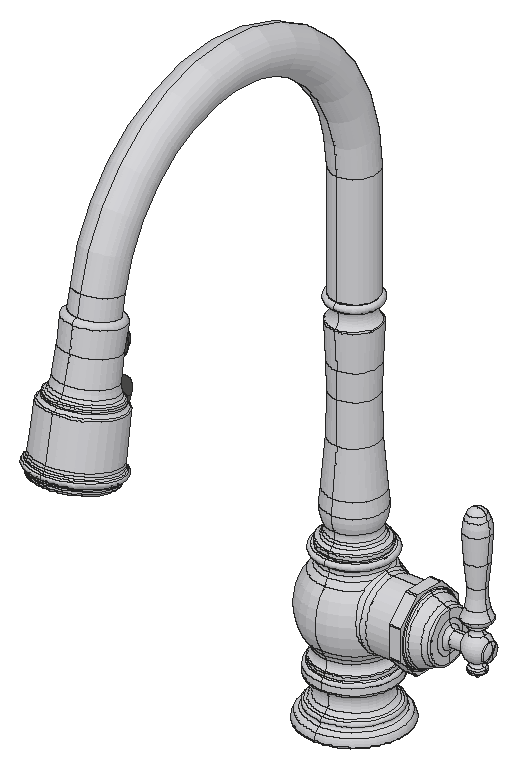
Revit family "Faucet-Kitchen-KOHLER-Artifacts-K-29709", category Plumbing Fixtures, host Face, Revit 2017
Family settings
  Host = Face
  Round Connector Dimension = Use Diameter
  Part Type = Normal
  OmniClass Number = 23.31.11.00
  OmniClass Title = Faucets
  Cut with Voids When Loaded = No
  Shared = No
  Room Calculation Point = No
Parameters (values of type "CP - Polished Chrome")
  Width = 2 9/16"  # constant formula
  WaterSense Certified = 1 = 0  # no
  Waste Water Outlet = "Waste Water Outlet"  # constant formula
  Waste Connection = 1 = 0  # no
  Voltage = 120 V  # constant formula
  Vent Connection = 1 = 0  # no
  URL = "https://www.us.kohler.com/us/"
  Type = 1
  Spout Reach = 9 1/16"  # constant formula
  Product Page URL = "http://www.us.kohler.com/us/catalog/productDetails.jsp?productNumber=29709"
  Product Name = "Artifacts"  # constant formula
  Product Documentation Link = "https://www.us.kohler.com/webassets/kpna/catalog/pdf/en/K-29709_spec.pdf"
  Pressure = 60.00 psi  # constant formula
  Model = if(Type = 1, "K-29709-CP", if(Type = 2, "K-29709-SN", if(Type = 3, "K-29709-VS", if(Type = 4, "K-29709-2BZ", "NA"))))  # "K-29709-CP"
  Material = "Premium Metal Construction"  # constant formula
  MasterFormat 2004 = "22.41.39"  # constant formula
  MasterFormat 1995 = "15410"  # constant formula
  Manufacturer Address = "444 Highland Dr, Kohler, WI 53044"  # constant formula
  Manufacturer = "KOHLER Co."  # constant formula
  Length = Spout Reach  # 9 1/16"
  Hot Water Inlet = "Hot Water Inlet"  # constant formula
  Height = 17 5/8"  # constant formula
  HW Connection = 1 = 1  # yes
  Flow Rate = 1.5 GPM  # constant formula
  Finish = Kohler-Metal-CP-Polished_Chrome
  Environmental Product Declaration = ""
  Electrical Note = "One dedicated circuit required, protected with Class A Ground-Fault Circuit-Interrupter (GFCI). Outside North America, this device may be known as a Residual Current Device (RCD)"  # constant formula
  Electrical Connector = 1 = 1  # yes
  Drain Included = 1 = 0  # no
  Description = "Touchless pull-down kitchen sink faucet"  # constant formula
  Default Elevation = 36"
  Declare Label = ""
  Date Modified = "01/27/2020"  # constant formula
  Date Created = "01/27/2020"  # constant formula
  Copyright = "Copyright KOHLER Co."  # constant formula
  Contact Us = "https://www.us.kohler.com/us/static/contact.jsp"
  Cold Water Inlet = "Cold Water Inlet"  # constant formula
  CW Connection = 1 = 1  # yes
  Assembly Code = "D2010"
  Apparent Load = 15 A * Voltage  # 1800 VA
  ADA Compliant = 1 = 1  # yes
Reference planes (in)
  plane 1 "Center (Front/Back)": y = 0
  plane 2: z = 0
  plane 3 "Center (Left/Right)": x = 0
  plane 4: z = 17.625
  plane 5: y = 1.28125
  plane 6: y = -9.0625
  plane 7: y = -10.125
  plane 8: x = -1.28125
  plane 9: x = 1.28125
  plane 10: y = -1.28125
  plane 11: z = 9.625
  plane 12: x = 3.19416
  plane 13: z = 2.75
  plane 14: z = 6
  plane 15: x = 4.4375
  plane 16: x = -0.80661
  plane 17: x = 0.80661
  plane 18: y = 1.07465
Dimensions and locks (in)
  "Height": level to plane 4
  "Width": plane 8 to plane 9
  plane 12 to plane 3 "Center (Left/Right)" = 3.19416"
  plane 13 to plane 14 = 3 1/4"
  plane 2 to plane 14 = 6"
  locked: plane 10 to plane 5 at 2.5625
  "Length": plane 1 "Center (Front/Back)" to plane 6
  "Spout Reach": plane 6 to plane 1 "Center (Front/Back)"
  locked: plane 2 to plane 11 at 9.625
  locked: plane 14 to plane 2 at 6
  locked: plane 14 to plane 13 at 3.25
  locked: plane 15 to plane 3 "Center (Left/Right)" at 4.4375
  locked: plane 3 "Center (Left/Right)" to plane 12 at 3.19416
  aligned and locked: plane 2 to host face
  aligned and locked: level to host face
Automatic sketch dimensions
  host sketch curve to host sketch curve = 96"  (x2)
Nested families (in)
  nested 1: "K-29709" at (0, 0, 0), type "K-29709"
Connectors (in)
  electrical at (0, 1.07465, 0), driven by "Voltage", driven by "Apparent Load", driven by "Electrical Connector", driven by "Electrical Note"
    settings: on nested 1, index 2, voltage 120 V, apparent load 1800 VA, apparent load phase1 0 VA, apparent load phase2 0 VA, apparent load phase3 0 VA, power factor 1, load classification "Power", number of poles 1, system type 30, power factor state 1, is connector primary yes, connector utility yes, sub classification motor no, connector description "One dedicated circuit required, protected with Class A Ground-Fault Circuit-Interrupter (GFCI). Outside North America, this device may be known as a Residual Current Device (RCD)"
  piping at (-0.80661, 0, 0), diameter 0.375, driven by "Flow Rate", driven by "Pressure", driven by "HW Connection", driven by "Hot Water Inlet"
    settings: on nested 1, index 3, connector inside diameter 24", connector length 0", flow factor 0, pipe flow 1.5 GPM, pressure drop 60.00 psi, fitting loss kfactor 0, connector angle 0.00°, fixture units 0, engagement length 0", angle of deflection 0.00°, flow configuration 1, flow direction 1, fitting loss method 4, system type 19, joint type 0, gender type 0, connector reference index -1, connector utility 1, adjustable connector no, is connector primary yes, connector description "Hot Water Inlet"
  piping at (0.80661, 0, 0), diameter 0.375, driven by "Flow Rate", driven by "Pressure", driven by "CW Connection", driven by "Cold Water Inlet"
    settings: on nested 1, index 4, connector inside diameter 24", connector length 0", flow factor 0, pipe flow 1.5 GPM, pressure drop 60.00 psi, fitting loss kfactor 0, connector angle 0.00°, fixture units 0, engagement length 0", angle of deflection 0.00°, flow configuration 1, flow direction 1, fitting loss method 4, system type 20, joint type 0, gender type 0, connector reference index -1, connector utility 1, adjustable connector no, is connector primary no, connector description "Cold Water Inlet"
Definition of nested family "K-29709"
  Parameters (values of type "K-29709")
    Material = none
  Reference planes (in)
    plane 1 "Center (Front/Back)": y = 0
    plane 2: z = 0
    plane 3 "Center (Left/Right)": x = 0
    plane 4: z = 17.625
    plane 5: y = -9.0625
    plane 6: z = 9.625
    plane 7: x = -1.28125
    plane 8: z = 6
    plane 9: z = 2.75
    plane 10: y = 1.28125
    plane 11: y = -10.125
    plane 12: x = 1.28125
    plane 13: x = 3.19416
    plane 14: y = -1.28125
    plane 15: z = 0.02033
    plane 16: x = -0.80661
    plane 17: x = 0.80661
    plane 18: y = 1.07465
  Forms (in)
    Sweep 1, solid, material <- "Material", detail levels medium+fine
      path origin (0, 0, 0) x (0, 1, 0) y (0, 0, 1)
        loop
          line (0, 9.90075) -> (0, 12.80434)
          arc (0, 12.80434) -> (-3.78632, 16.97276) -> (-8.29845, 13.60339) r 4.18769
          line (-8.29845, 13.60339) -> (-8.55403, 12.28855)
      profile origin (0, 0, 11.35254) x (0, -1, 0) y (1, 0, 0)
        loop
          circle (0, 0) r 0.5625
    Revolve 2, solid, material <- "Material", detail levels medium+fine
      sketch origin (0, -0.00781, 0) x (0, 1, 0) y (0, 0, 1)
        loop
          arc (-9.4025, 9.62223) -> (-9.39002, 9.61223) -> (-9.37501, 9.6067) r 0.04983
          line (-9.37501, 9.6067) -> (-9.07871, 9.54911) -> (-8.38894, 13.09769) -> (-8.95532, 13.20778)
          arc (-8.95532, 13.20778) -> (-9.05422, 13.18644) -> (-9.10703, 13.10014) r 0.12853
          arc (-9.10703, 13.10014) -> (-9.15527, 12.79365) -> (-9.21052, 12.48834) r 13.51963
          arc (-9.21052, 12.48834) -> (-9.27861, 12.16073) -> (-9.35611, 11.83522) r 11.61668
          arc (-9.35611, 11.83522) -> (-9.388, 11.73471) -> (-9.43152, 11.63866) r 0.89267
          arc (-9.43152, 11.63866) -> (-9.4565, 11.59926) -> (-9.48746, 11.56436) r 0.29048
          arc (-9.48746, 11.56436) -> (-9.52074, 11.54094) -> (-9.55949, 11.52851) r 0.13484
          arc (-9.55949, 11.52851) -> (-9.57898, 11.51924) -> (-9.59038, 11.50092) r 0.03836
          arc (-9.59038, 11.50092) -> (-9.59682, 11.47736) -> (-9.60304, 11.45375) r 2.69435
          arc (-9.60304, 11.45375) -> (-9.60726, 11.43864) -> (-9.61203, 11.4237) r 0.4197
          arc (-9.61203, 11.4237) -> (-9.64826, 11.37325) -> (-9.70642, 11.35147) r 0.10686
          arc (-9.70642, 11.35147) -> (-9.73002, 11.34183) -> (-9.743, 11.31988) r 0.03999
          line (-9.743, 11.31988) -> (-9.97416, 10.23235)
          arc (-9.97416, 10.23235) -> (-9.9833, 10.19565) -> (-9.99496, 10.15967) r 0.54553
          arc (-9.99496, 10.15967) -> (-10.00613, 10.13397) -> (-10.02039, 10.10985) r 0.22646
          arc (-10.02039, 10.10985) -> (-10.03667, 10.09174) -> (-10.05724, 10.07871) r 0.08933
          arc (-10.05724, 10.07871) -> (-10.08001, 10.067) -> (-10.10159, 10.05322) r 0.27399
          arc (-10.10159, 10.05322) -> (-10.12787, 9.99511) -> (-10.08993, 9.94384) r 0.06298
          arc (-10.08993, 9.94384) -> (-10.07053, 9.92982) -> (-10.05907, 9.90879) r 0.05413
          arc (-10.05907, 9.90879) -> (-10.05336, 9.8857) -> (-10.04921, 9.86227) r 0.35528
          arc (-10.04921, 9.86227) -> (-10.04753, 9.84503) -> (-10.04741, 9.82771) r 0.19229
          arc (-10.04741, 9.82771) -> (-10.04878, 9.79864) -> (-10.05066, 9.7696) r 1.64484
          arc (-10.05066, 9.7696) -> (-10.04584, 9.7534) -> (-10.03147, 9.74449) r 0.02379
          line (-10.03147, 9.74449) -> (-9.4025, 9.62223)
        axis (-8.38894, 13.09769) -> (-9.07871, 9.54911)
      angle from 0 to 360
    Revolve 3, solid, detail levels medium+fine
      sketch origin (0, 0, 0) x (0, 1, 0) y (0, 0, 1)
        loop
          line (-7.70484, 12.46444) -> (-7.69609, 12.50946)
          arc (-7.69609, 12.50946) -> (-7.6993, 12.5298) -> (-7.71482, 12.54334) r 0.03016
          arc (-7.71482, 12.54334) -> (-7.73942, 12.55707) -> (-7.75929, 12.57705) r 0.10112
          arc (-7.75929, 12.57705) -> (-7.76852, 12.59534) -> (-7.7709, 12.61569) r 0.05872
          arc (-7.7709, 12.61569) -> (-7.77673, 12.63449) -> (-7.79349, 12.6448) r 0.02798
          line (-7.79349, 12.6448) -> (-8.05346, 12.69533) -> (-8.13657, 12.2678) -> (-7.5609, 12.1559)
          arc (-7.5609, 12.1559) -> (-7.54522, 12.26048) -> (-7.5381, 12.36599) r 1.29763
          arc (-7.5381, 12.36599) -> (-7.53909, 12.38779) -> (-7.53663, 12.40948) r 0.13815
          arc (-7.53663, 12.40948) -> (-7.53997, 12.42587) -> (-7.55391, 12.4351) r 0.02185
          line (-7.55391, 12.4351) -> (-7.70484, 12.46444)
        axis (-7.5609, 12.1559) -> (-8.13657, 12.2678)
      angle from 0 to 360
    Revolve 4, solid, material <- "Material", detail levels medium+fine
      sketch origin (0, 0, 0) x (1, 0, 0) y (0, 0, 1)
        loop
          line (0.49251, 2.75) -> (3.01955, 2.75) -> (3.01955, 2.94459) -> (2.61614, 2.94459)
          arc (2.61614, 2.94459) -> (2.53751, 2.97032) -> (2.48928, 3.03754) r 0.13305
          arc (2.48928, 3.03754) -> (2.47529, 3.09739) -> (2.47059, 3.15868) r 0.40195
          line (2.47059, 3.15868) -> (2.47059, 3.37096)
          arc (2.47059, 3.37096) -> (2.45715, 3.40166) -> (2.42548, 3.4126) r 0.04177
          arc (2.42548, 3.4126) -> (2.35092, 3.41946) -> (2.28304, 3.45103) r 0.21896
          arc (2.28304, 3.45103) -> (2.16866, 3.51871) -> (2.04568, 3.56908) r 0.91341
          arc (2.04568, 3.56908) -> (2.01558, 3.5822) -> (1.9885, 3.60078) r 0.17287
          arc (1.9885, 3.60078) -> (1.97534, 3.61398) -> (1.96477, 3.62933) r 0.10323
          arc (1.96477, 3.62933) -> (1.95016, 3.65121) -> (1.93241, 3.67064) r 0.17384
          line (1.93241, 3.67064) -> (1.93241, 3.63203) -> (0.99909, 3.63203)
          arc (0.99909, 3.63203) -> (0.93798, 3.63961) -> (0.88058, 3.6619) r 0.25
          arc (0.88058, 3.6619) -> (0.68216, 3.70389) -> (0.49251, 3.63203) r 0.36023
          line (0.49251, 3.63203) -> (0.49251, 2.75)
        loop
          line (3.38572, 2.97594) -> (3.38572, 2.75) -> (3.57983, 2.75)
          arc (3.57983, 2.75) -> (3.56657, 2.86596) -> (3.52748, 2.97594) r 0.51379
          line (3.52748, 2.97594) -> (3.38572, 2.97594)
        axis (3.57983, 2.75) -> (0.49251, 2.75)
      angle from 0 to 360
    Revolve 5, solid, material <- "Material", detail levels medium+fine
      sketch origin (0, 0, 0) x (1, 0, 0) y (0, 0, 1)
        loop
          line (3.19416, 6) -> (3.19416, 2.08568)
          arc (3.19416, 2.08568) -> (3.22416, 2.09158) -> (3.24969, 2.10842) r 0.07917
          arc (3.24969, 2.10842) -> (3.31317, 2.16329) -> (3.3832, 2.20951) r 0.64925
          arc (3.3832, 2.20951) -> (3.39761, 2.22382) -> (3.40289, 2.24343) r 0.03906
          line (3.40289, 2.24343) -> (3.40289, 2.29229)
          arc (3.40289, 2.29229) -> (3.39222, 2.31901) -> (3.36608, 2.33103) r 0.03879
          arc (3.36608, 2.33103) -> (3.30623, 2.38279) -> (3.34181, 2.45347) r 0.06436
          arc (3.34181, 2.45347) -> (3.54167, 2.75) -> (3.37729, 3.06758) r 0.35049
          arc (3.37729, 3.06758) -> (3.32288, 3.16977) -> (3.38419, 3.26798) r 0.11576
          line (3.38419, 3.26798) -> (3.41833, 3.26798) -> (3.41833, 3.34626)
          arc (3.41833, 3.34626) -> (3.50755, 3.38083) -> (3.55017, 3.4665) r 0.13241
          arc (3.55017, 3.4665) -> (3.48832, 3.58527) -> (3.44549, 3.71214) r 0.86693
          arc (3.44549, 3.71214) -> (3.40624, 3.96057) -> (3.41289, 4.21199) r 1.37533
          arc (3.41289, 4.21199) -> (3.44396, 4.49649) -> (3.46977, 4.78153) r 15.51205
          arc (3.46977, 4.78153) -> (3.493, 5.11065) -> (3.50923, 5.44019) r 15.51205
          arc (3.50923, 5.44019) -> (3.50099, 5.59788) -> (3.46444, 5.7515) r 0.87144
          arc (3.46444, 5.7515) -> (3.44029, 5.81501) -> (3.41126, 5.87645) r 0.87144
          arc (3.41126, 5.87645) -> (3.32092, 5.97021) -> (3.19416, 6) r 0.23034
        axis (3.19416, 6) -> (3.19416, 2.08568)
      angle from 0 to 360
    Extrusion 6, solid, material <- "Material", detail levels medium+fine
      sketch origin (0, 0, 0) x (0, 1, 0) y (0, 0, 1)
        loop
          arc (-0.92161, 3.14999) -> (-0.93104, 3.13646) -> (-0.93521, 3.1205) r 0.04694
          line (-0.93521, 3.1205) -> (-0.93521, 2.3795)
          arc (-0.93521, 2.3795) -> (-0.93164, 2.36359) -> (-0.92161, 2.35073) r 0.03722
          line (-0.92161, 2.35073) -> (-0.39836, 1.82749)
          arc (-0.39836, 1.82749) -> (-0.38244, 1.81764) -> (-0.3638, 1.81595) r 0.04077
          line (-0.3638, 1.81595) -> (0.36386, 1.81595)
          arc (0.36386, 1.81595) -> (0.38063, 1.81852) -> (0.39586, 1.82598) r 0.0561
          line (0.39586, 1.82598) -> (0.92406, 2.35418)
          arc (0.92406, 2.35418) -> (0.93143, 2.37451) -> (0.93393, 2.39599) r 0.09349
          line (0.93393, 2.39599) -> (0.93393, 3.1119)
          arc (0.93393, 3.1119) -> (0.93349, 3.1305) -> (0.92406, 3.14654) r 0.03703
          line (0.92406, 3.14654) -> (0.39586, 3.67474)
          arc (0.39586, 3.67474) -> (0.38063, 3.6822) -> (0.36386, 3.68477) r 0.0561
          line (0.36386, 3.68477) -> (-0.3638, 3.68477)
          arc (-0.3638, 3.68477) -> (-0.38244, 3.68308) -> (-0.39836, 3.67323) r 0.04077
          line (-0.39836, 3.67323) -> (-0.92161, 3.14999)
      from 1.65986 to 1.94608
    Extrusion 7, solid, detail levels medium+fine
      sketch origin (0, -9.98562, 0.36054) x (0, 0.34202, 0.939693) y (-1, 0, 0)
        loop
          line (10.31186, -0.37248) -> (10.78024, -0.37233)
          arc (10.78024, -0.37233) -> (11.12388, -0.02846) -> (10.78001, 0.31517) r 0.34375
          line (10.78001, 0.31517) -> (10.31163, 0.31502)
          arc (10.31163, 0.31502) -> (9.968, -0.02885) -> (10.31186, -0.37248) r 0.34375
      from 1.25959 to 2.00568
    Extrusion 8, solid, material <- "Material", detail levels medium+fine
      sketch origin (0, 0, 0) x (1, 0, 0) y (0, 1, 0)
        loop
          circle (0, 1.07465) r 0.0625
        loop
          circle (-0.80661, 0) r 0.1875
        loop
          circle (0.80661, 0) r 0.1875
      from 0 to 0.02439
    Revolve 9, solid, material <- "Material", detail levels medium+fine
      sketch origin (0, 0, 0) x (0, 1, 0) y (0, 0, 1)
        loop
          arc (1.26197, 0) -> (1.27626, 0.00597) -> (1.28205, 0.02033) r 0.02008
          arc (1.28205, 0.02033) -> (1.26813, 0.11335) -> (1.22976, 0.19921) r 0.34722
          arc (1.22976, 0.19921) -> (1.17955, 0.25242) -> (1.11257, 0.28183) r 0.18383
          arc (1.11257, 0.28183) -> (1.06872, 0.31451) -> (1.06454, 0.36903) r 0.06603
          arc (1.06454, 0.36903) -> (1.06071, 0.42718) -> (1.01511, 0.46347) r 0.07205
          arc (1.01511, 0.46347) -> (0.98141, 0.47612) -> (0.95102, 0.49542) r 0.17459
          arc (0.95102, 0.49542) -> (0.90252, 0.54188) -> (0.86364, 0.59664) r 0.35494
          arc (0.86364, 0.59664) -> (0.83989, 0.87292) -> (1.03652, 1.06846) r 0.32764
          arc (1.03652, 1.06846) -> (1.04991, 1.07869) -> (1.05499, 1.09475) r 0.02794
          line (1.05499, 1.09475) -> (1.05499, 1.26925)
          arc (1.05499, 1.26925) -> (1.03607, 1.32522) -> (0.98707, 1.35823) r 0.09224
          arc (0.98707, 1.35823) -> (0.97155, 1.36868) -> (0.96555, 1.38641) r 0.02921
          line (0.96555, 1.38641) -> (0.96555, 1.4655)
          arc (0.96555, 1.4655) -> (0.96209, 1.48061) -> (0.9524, 1.49269) r 0.03468
          arc (0.9524, 1.49269) -> (0.87945, 1.60216) -> (0.88455, 1.7336) r 0.21338
          arc (0.88455, 1.7336) -> (0.91348, 1.79779) -> (0.95124, 1.85723) r 0.49427
          arc (0.95124, 1.85723) -> (1.00236, 1.92941) -> (1.05038, 2.00369) r 2.09464
          arc (1.05038, 2.00369) -> (1.23935, 2.75029) -> (0.96665, 3.47055) r 1.28264
          arc (0.96665, 3.47055) -> (0.90668, 3.54587) -> (0.8459, 3.62054) r 8.80401
          arc (0.8459, 3.62054) -> (0.81519, 3.66947) -> (0.79791, 3.72459) r 0.22574
          arc (0.79791, 3.72459) -> (0.80331, 3.7998) -> (0.84374, 3.86344) r 0.15409
          arc (0.84374, 3.86344) -> (0.85902, 3.87589) -> (0.87596, 3.88597) r 0.1339
          arc (0.87596, 3.88597) -> (0.90394, 3.90174) -> (0.93021, 3.92023) r 0.32051
          arc (0.93021, 3.92023) -> (0.95479, 4.00329) -> (0.88427, 4.05402) r 0.07459
          line (0.88427, 4.05402) -> (0.79296, 4.05402)
          arc (0.79296, 4.05402) -> (0.81493, 4.06329) -> (0.82401, 4.08534) r 0.03132
          line (0.82401, 4.08534) -> (0.82401, 4.18282)
          arc (0.82401, 4.18282) -> (0.81875, 4.19999) -> (0.80479, 4.21127) r 0.03068
          arc (0.80479, 4.21127) -> (0.75064, 4.24026) -> (0.70403, 4.28026) r 0.28264
          arc (0.70403, 4.28026) -> (0.68148, 4.30684) -> (0.66164, 4.3355) r 0.35537
          arc (0.66164, 4.3355) -> (0.64277, 4.36965) -> (0.62751, 4.40556) r 0.37838
          arc (0.62751, 4.40556) -> (0.61339, 4.49816) -> (0.63623, 4.58901) r 0.23716
          arc (0.63623, 4.58901) -> (0.70176, 4.78872) -> (0.71457, 4.99852) r 0.82313
          arc (0.71457, 4.99852) -> (0.69953, 5.18639) -> (0.67965, 5.37381) r 7.32072
          arc (0.67965, 5.37381) -> (0.61929, 5.96327) -> (0.57839, 6.5544) r 17.9792
          arc (0.57839, 6.5544) -> (0.56033, 7.09048) -> (0.56256, 7.62687) r 14.17307
          line (0.56256, 7.62687) -> (0.57833, 8.30959)
          arc (0.57833, 8.30959) -> (0.59426, 8.77479) -> (0.62056, 9.23952) r 20.87522
          arc (0.62056, 9.23952) -> (0.61765, 9.25569) -> (0.60744, 9.26856) r 0.03373
          arc (0.60744, 9.26856) -> (0.49432, 9.46239) -> (0.54938, 9.67995) r 0.29654
          arc (0.54938, 9.67995) -> (0.56171, 9.69138) -> (0.57738, 9.69749) r 0.04508
          arc (0.57738, 9.69749) -> (0.60032, 9.70509) -> (0.62038, 9.71855) r 0.08936
          arc (0.62038, 9.71855) -> (0.64398, 9.81487) -> (0.56234, 9.87117) r 0.08734
          line (0.56234, 9.87117) -> (0.43948, 9.87117)
          arc (0.43948, 9.87117) -> (0.41077, 9.87944) -> (0.38985, 9.90075) r 0.05874
          line (0.38985, 9.90075) -> (0.38985, 10.12193) -> (0, 10.12193) -> (0, 0) -> (1.26197, 0)
        axis (0, 10.12193) -> (0, 0)
      angle from 0 to 360
    Extrusion 10, void, detail levels medium+fine
      sketch origin (0, 0, 0) x (0, 1, 0) y (0, 0, 1)
        loop
          arc (-7.56634, 11.30709) -> (-7.53219, 11.26697) -> (-7.54384, 11.2156) r 0.05884
          arc (-7.54384, 11.2156) -> (-7.60534, 11.13669) -> (-7.66283, 11.0548) r 2.00367
          arc (-7.66283, 11.0548) -> (-7.80007, 10.78913) -> (-7.87585, 10.49987) r 1.35822
          arc (-7.87585, 10.49987) -> (-7.88795, 10.4017) -> (-7.89548, 10.30308) r 2.12727
          arc (-7.89548, 10.30308) -> (-7.9156, 10.25893) -> (-7.96042, 10.24033) r 0.06627
          line (-7.96042, 10.24033) -> (-7.96042, 10.05173) -> (-7.15129, 10.05173) -> (-7.15129, 11.73353) -> (-7.7903, 11.73353) -> (-7.7903, 11.40215) -> (-7.56634, 11.30709)
      from -0.61054 to 1.08332
    Extrusion 11, void, detail levels medium+fine
      sketch origin (0, 0, 0) x (0, 1, 0) y (0, 0, 1)
        loop
          line (0.06384, 2.85547) -> (-0.10803, 2.68359)
          arc (-0.10803, 2.68359) -> (-0.13698, 2.65594) -> (-0.16715, 2.62964) r 0.87669
          arc (-0.16715, 2.62964) -> (-0.18046, 2.62081) -> (-0.19536, 2.61504) r 0.07401
          arc (-0.19536, 2.61504) -> (-0.16883, 2.58253) -> (-0.13696, 2.55524) r 0.236
          arc (-0.13696, 2.55524) -> (-0.10187, 2.5986) -> (-0.06384, 2.6394) r 0.79606
          line (-0.06384, 2.6394) -> (0.10803, 2.81127)
          arc (0.10803, 2.81127) -> (0.14883, 2.84932) -> (0.19217, 2.88442) r 0.79992
          arc (0.19217, 2.88442) -> (0.16494, 2.91623) -> (0.13252, 2.94272) r 0.236
          arc (0.13252, 2.94272) -> (0.12592, 2.92615) -> (0.11583, 2.91143) r 0.08057
          arc (0.11583, 2.91143) -> (0.09035, 2.88297) -> (0.06384, 2.85547) r 1.03848
      from 3.52748 to 3.60749
    Extrusion 12, solid, material <- "Material", detail levels coarse
      sketch origin (0, 0, 0) x (1, 0, 0) y (0, 1, 0)
        loop
          circle (0, 0) r 1.28127
      from 0 to 4.04952
    Sweep 13, solid, material <- "Material", detail levels coarse
      path origin (0, 0, 0) x (0, 1, 0) y (0, 0, 1)
        loop
          line (0, 4.05402) -> (0, 12.81613)
          arc (0, 12.81613) -> (-3.7853, 16.98342) -> (-8.2962, 13.61497) r 4.18656
          line (-8.2962, 13.61497) -> (-9.08462, 9.55892)
      profile origin (0, 0, 8.43508) x (0, -1, 0) y (1, 0, 0)
        loop
          circle (0, 0) r 1.09766
    Extrusion 14, solid, material <- "Material", detail levels coarse
      sketch origin (0, 0, 0) x (0, 1, 0) y (0, 0, 1)
        loop
          circle (0, 2.75) r 1.0419
      from 0 to 2.54478
    Extrusion 15, solid, material <- "Material", detail levels coarse
      sketch origin (0, 0, 0) x (1, 0, 0) y (0, 1, 0)
        loop
          circle (3.19416, 0) r 0.35601
      from 2.09771 to 6
    Extrusion 16, solid, material <- "Material", detail levels coarse
      sketch origin (0, 0, 0) x (0, 1, 0) y (0, 0, 1)
        loop
          circle (0, 2.75) r 0.22594
      from 2.47092 to 2.89349
  Cuts and joins
    joined: Sweep 1, Revolve 2, Revolve 5, Extrusion 6
    joined: Extrusion 12, Sweep 13, Extrusion 14, Extrusion 15, Extrusion 16
    Extrusion 11 cuts Revolve 4
    Extrusion 10 cuts Extrusion 7
    joined: Revolve 3, Extrusion 7
  Lines and regions (in)
    Masking region 1
      outline origin (0, 0, 0) x (1, 0, 0) y (0, 1, 0)
        loop
          line (-0.56316, -1.19141) -> (-0.56316, -7.95731)
          arc (-0.56316, -7.95731) -> (-0.7658, -8.14363) -> (-0.90918, -8.37863) r 0.98818
          arc (-0.90918, -8.37863) -> (-1.03892, -9.43039) -> (-0.22198, -10.10541) r 1.10221
          arc (-0.22198, -10.10541) -> (0.09719, -10.12064) -> (0.40794, -10.04621) r 1.13385
          arc (0.40794, -10.04621) -> (1.07273, -9.32589) -> (0.90085, -8.36087) r 1.10221
          arc (0.90085, -8.36087) -> (0.75925, -8.13672) -> (0.56316, -7.95828) r 0.98818
          line (0.56316, -7.95828) -> (0.56316, -1.18554)
          arc (0.56316, -1.18554) -> (0.78996, -1.04815) -> (0.98451, -0.86798) r 1.3125
          arc (0.98451, -0.86798) -> (1.0804, -0.85513) -> (1.17704, -0.85084) r 1.08987
          line (1.17704, -0.85084) -> (1.66061, -0.85084) -> (1.66061, -0.88441) -> (1.68483, -0.92104)
          arc (1.68483, -0.92104) -> (1.69638, -0.9315) -> (1.71154, -0.93511) r 0.03136
          line (1.71154, -0.93511) -> (1.90892, -0.93167)
          arc (1.90892, -0.93167) -> (1.92594, -0.92743) -> (1.93938, -0.91616) r 0.03901
          arc (1.93938, -0.91616) -> (1.95176, -0.89932) -> (1.9637, -0.88217) r 0.82493
          arc (1.9637, -0.88217) -> (1.99911, -0.84441) -> (2.04449, -0.81949) r 0.16491
          arc (2.04449, -0.81949) -> (2.15169, -0.77465) -> (2.2537, -0.71899) r 1.12629
          arc (2.2537, -0.71899) -> (2.30293, -0.69166) -> (2.35437, -0.66877) r 0.63797
          arc (2.35437, -0.66877) -> (2.3873, -0.66081) -> (2.42114, -0.66206) r 0.1239
          arc (2.42114, -0.66206) -> (2.45738, -0.65127) -> (2.4705, -0.61581) r 0.04229
          line (2.4705, -0.61581) -> (2.4705, -0.39808)
          arc (2.4705, -0.39808) -> (2.47899, -0.32547) -> (2.504, -0.25678) r 0.31479
          arc (2.504, -0.25678) -> (2.54618, -0.21103) -> (2.60619, -0.19459) r 0.11286
          line (2.60619, -0.19459) -> (2.89603, -0.19459)
          arc (2.89603, -0.19459) -> (3.17472, -0.35548) -> (3.46929, -0.22594) r 0.35601
          line (3.46929, -0.22594) -> (3.52748, -0.22594)
          arc (3.52748, -0.22594) -> (3.56516, -0.11575) -> (3.57792, 0) r 0.53124
          arc (3.57792, 0) -> (3.56516, 0.11575) -> (3.52748, 0.22594) r 0.53124
          line (3.52748, 0.22594) -> (3.46929, 0.22594)
          arc (3.46929, 0.22594) -> (3.17472, 0.35548) -> (2.89603, 0.19459) r 0.35601
          line (2.89603, 0.19459) -> (2.60619, 0.19459)
          arc (2.60619, 0.19459) -> (2.54618, 0.21103) -> (2.504, 0.25678) r 0.11286
          arc (2.504, 0.25678) -> (2.47899, 0.32547) -> (2.4705, 0.39808) r 0.31479
          line (2.4705, 0.39808) -> (2.4705, 0.61581)
          arc (2.4705, 0.61581) -> (2.45738, 0.65127) -> (2.42114, 0.66206) r 0.04229
          arc (2.42114, 0.66206) -> (2.3873, 0.66081) -> (2.35437, 0.66877) r 0.1239
          arc (2.35437, 0.66877) -> (2.30293, 0.69166) -> (2.2537, 0.71899) r 0.63797
          arc (2.2537, 0.71899) -> (2.15224, 0.77438) -> (2.04563, 0.81908) r 1.12629
          arc (2.04563, 0.81908) -> (2.02641, 0.82635) -> (2.00743, 0.83424) r 0.64305
          arc (2.00743, 0.83424) -> (1.99146, 0.84424) -> (1.97915, 0.85851) r 0.06308
          arc (1.97915, 0.85851) -> (1.95988, 0.88776) -> (1.93938, 0.91616) r 0.82493
          arc (1.93938, 0.91616) -> (1.92594, 0.92743) -> (1.90892, 0.93167) r 0.03901
          line (1.90892, 0.93167) -> (1.71154, 0.93511)
          arc (1.71154, 0.93511) -> (1.69638, 0.9315) -> (1.68483, 0.92104) r 0.03136
          line (1.68483, 0.92104) -> (1.66061, 0.88441) -> (1.66061, 0.84999) -> (1.0255, 0.84999)
          arc (1.0255, 0.84999) -> (0.99747, 0.85577) -> (0.97402, 0.87217) r 0.07082
          arc (0.97402, 0.87217) -> (-1.02311, 0.75553) -> (-0.56316, -1.19141) r 1.30624
    Masking region 2
      outline origin (0, 0, 0) x (1, 0, 0) y (0, 0, 1)
        loop
          line (-1.26118, 0) -> (1.26118, 0)
          arc (1.26118, 0) -> (1.27546, 0.00597) -> (1.28125, 0.02033) r 0.02008
          arc (1.28125, 0.02033) -> (1.26231, 0.1163) -> (1.21041, 0.19921) r 0.26993
          arc (1.21041, 0.19921) -> (1.15664, 0.25143) -> (1.09712, 0.29699) r 0.63936
          arc (1.09712, 0.29699) -> (1.0739, 0.32865) -> (1.07602, 0.36787) r 0.05832
          arc (1.07602, 0.36787) -> (1.0729, 0.42662) -> (1.02703, 0.46347) r 0.07205
          arc (1.02703, 0.46347) -> (0.99332, 0.47612) -> (0.96293, 0.49542) r 0.17459
          arc (0.96293, 0.49542) -> (0.91443, 0.54188) -> (0.87555, 0.59664) r 0.35494
          arc (0.87555, 0.59664) -> (0.8518, 0.87292) -> (1.04843, 1.06846) r 0.32764
          arc (1.04843, 1.06846) -> (1.06182, 1.07869) -> (1.0669, 1.09475) r 0.02794
          line (1.0669, 1.09475) -> (1.0669, 1.26925)
          arc (1.0669, 1.26925) -> (1.04798, 1.32522) -> (0.99898, 1.35823) r 0.09224
          arc (0.99898, 1.35823) -> (0.98346, 1.36868) -> (0.97747, 1.38641) r 0.02921
          line (0.97747, 1.38641) -> (0.97747, 1.4655)
          arc (0.97747, 1.4655) -> (0.97401, 1.48061) -> (0.96431, 1.49269) r 0.03468
          arc (0.96431, 1.49269) -> (0.89136, 1.60216) -> (0.89646, 1.7336) r 0.21338
          arc (0.89646, 1.7336) -> (0.90199, 1.74803) -> (0.90793, 1.76229) r 0.54798
          arc (0.90793, 1.76229) -> (0.97195, 1.83843) -> (1.06726, 1.86693) r 0.17361
          line (1.06726, 1.86693) -> (1.65976, 1.86693) -> (1.65976, 1.83289) -> (1.68672, 1.79711)
          arc (1.68672, 1.79711) -> (1.69844, 1.78637) -> (1.7139, 1.78266) r 0.03174
          line (1.7139, 1.78266) -> (1.90087, 1.78592)
          arc (1.90087, 1.78592) -> (1.91848, 1.78929) -> (1.93392, 1.79839) r 0.05249
          arc (1.93392, 1.79839) -> (1.94779, 1.81226) -> (1.95923, 1.82819) r 0.12054
          arc (1.95923, 1.82819) -> (1.99845, 1.88339) -> (2.04563, 1.93196) r 0.44244
          arc (2.04563, 1.93196) -> (2.16861, 1.98232) -> (2.28299, 2.05001) r 0.91341
          arc (2.28299, 2.05001) -> (2.351, 2.08158) -> (2.42568, 2.08829) r 0.21839
          arc (2.42568, 2.08829) -> (2.45743, 2.09918) -> (2.47092, 2.12992) r 0.04178
          line (2.47092, 2.12992) -> (2.47092, 2.4044)
          arc (2.47092, 2.4044) -> (2.5152, 2.5113) -> (2.6221, 2.55558) r 0.15118
          line (2.6221, 2.55558) -> (2.89242, 2.55558)
          arc (2.89242, 2.55558) -> (2.96582, 2.49901) -> (3.04652, 2.45347) r 0.64925
          arc (3.04652, 2.45347) -> (3.08209, 2.38279) -> (3.02224, 2.33103) r 0.06436
          arc (3.02224, 2.33103) -> (2.9961, 2.31901) -> (2.98543, 2.29229) r 0.03879
          line (2.98543, 2.29229) -> (2.98543, 2.24343)
          arc (2.98543, 2.24343) -> (2.99071, 2.22382) -> (3.00513, 2.20951) r 0.03906
          arc (3.00513, 2.20951) -> (3.07515, 2.16329) -> (3.13863, 2.10842) r 0.64925
          arc (3.13863, 2.10842) -> (3.16416, 2.09158) -> (3.19416, 2.08568) r 0.07917
          arc (3.19416, 2.08568) -> (3.22416, 2.09158) -> (3.24969, 2.10842) r 0.07917
          arc (3.24969, 2.10842) -> (3.31317, 2.16329) -> (3.3832, 2.20951) r 0.64925
          arc (3.3832, 2.20951) -> (3.39761, 2.22382) -> (3.40289, 2.24343) r 0.03906
          line (3.40289, 2.24343) -> (3.40289, 2.29229)
          arc (3.40289, 2.29229) -> (3.39222, 2.31901) -> (3.36608, 2.33103) r 0.03879
          arc (3.36608, 2.33103) -> (3.30623, 2.38279) -> (3.34181, 2.45347) r 0.06436
          arc (3.34181, 2.45347) -> (3.40934, 2.48729) -> (3.47533, 2.52406) r 1.71944
          line (3.47533, 2.52406) -> (3.52748, 2.52406)
          arc (3.52748, 2.52406) -> (3.56691, 2.63398) -> (3.58029, 2.75) r 0.50974
          arc (3.58029, 2.75) -> (3.56688, 2.86616) -> (3.52735, 2.97621) r 0.50974
          line (3.52735, 2.97621) -> (3.47533, 2.97621)
          arc (3.47533, 2.97621) -> (3.43072, 3.02663) -> (3.37729, 3.06758) r 0.35049
          arc (3.37729, 3.06758) -> (3.32288, 3.16977) -> (3.38419, 3.26798) r 0.11576
          line (3.38419, 3.26798) -> (3.41833, 3.26798) -> (3.41833, 3.34626)
          arc (3.41833, 3.34626) -> (3.50755, 3.38083) -> (3.55017, 3.4665) r 0.13241
          arc (3.55017, 3.4665) -> (3.48832, 3.58527) -> (3.44549, 3.71214) r 0.86693
          arc (3.44549, 3.71214) -> (3.40624, 3.96057) -> (3.41289, 4.21199) r 1.37533
          arc (3.41289, 4.21199) -> (3.44396, 4.49649) -> (3.46977, 4.78153) r 15.51205
          arc (3.46977, 4.78153) -> (3.493, 5.11065) -> (3.50923, 5.44019) r 15.51205
          arc (3.50923, 5.44019) -> (3.50099, 5.59788) -> (3.46444, 5.7515) r 0.87144
          arc (3.46444, 5.7515) -> (3.44029, 5.81501) -> (3.41126, 5.87645) r 0.87144
          arc (3.41126, 5.87645) -> (3.32092, 5.97021) -> (3.19416, 6) r 0.23034
          arc (3.19416, 6) -> (3.06741, 5.97021) -> (2.97706, 5.87645) r 0.23034
          arc (2.97706, 5.87645) -> (2.94803, 5.81501) -> (2.92388, 5.7515) r 0.87144
          arc (2.92388, 5.7515) -> (2.88733, 5.59788) -> (2.8791, 5.44019) r 0.87144
          arc (2.8791, 5.44019) -> (2.89532, 5.11065) -> (2.91855, 4.78153) r 15.51205
          arc (2.91855, 4.78153) -> (2.94436, 4.49649) -> (2.97543, 4.21199) r 15.51205
          arc (2.97543, 4.21199) -> (2.98208, 3.96057) -> (2.94283, 3.71214) r 1.37533
          arc (2.94283, 3.71214) -> (2.90001, 3.58527) -> (2.83815, 3.4665) r 0.86693
          arc (2.83815, 3.4665) -> (2.88077, 3.38083) -> (2.97, 3.34626) r 0.13241
          line (2.97, 3.34626) -> (2.97, 3.26798) -> (3.00413, 3.26798)
          arc (3.00413, 3.26798) -> (3.06545, 3.16977) -> (3.01103, 3.06758) r 0.11576
          arc (3.01103, 3.06758) -> (2.9441, 3.01335) -> (2.89242, 2.94442) r 0.35049
          line (2.89242, 2.94442) -> (2.6221, 2.94442)
          arc (2.6221, 2.94442) -> (2.5152, 2.9887) -> (2.47092, 3.0956) r 0.15118
          line (2.47092, 3.0956) -> (2.47092, 3.37008)
          arc (2.47092, 3.37008) -> (2.45743, 3.40082) -> (2.42568, 3.41171) r 0.04178
          arc (2.42568, 3.41171) -> (2.351, 3.41842) -> (2.28299, 3.44999) r 0.21839
          arc (2.28299, 3.44999) -> (2.16861, 3.51768) -> (2.04563, 3.56804) r 0.91341
          arc (2.04563, 3.56804) -> (1.99845, 3.61661) -> (1.95923, 3.67181) r 0.44244
          arc (1.95923, 3.67181) -> (1.94779, 3.68774) -> (1.93392, 3.70161) r 0.12054
          arc (1.93392, 3.70161) -> (1.91848, 3.71071) -> (1.90087, 3.71408) r 0.05249
          line (1.90087, 3.71408) -> (1.7139, 3.71734)
          arc (1.7139, 3.71734) -> (1.69844, 3.71363) -> (1.68672, 3.70289) r 0.03174
          line (1.68672, 3.70289) -> (1.65976, 3.66711) -> (1.65976, 3.63307) -> (0.89297, 3.63307)
          arc (0.89297, 3.63307) -> (0.83627, 3.65159) -> (0.80144, 3.70001) r 0.09605
          arc (0.80144, 3.70001) -> (0.80639, 3.80751) -> (0.88006, 3.88597) r 0.15526
          arc (0.88006, 3.88597) -> (0.90804, 3.90174) -> (0.93431, 3.92023) r 0.32051
          arc (0.93431, 3.92023) -> (0.9589, 4.00329) -> (0.88837, 4.05358) r 0.07459
          line (0.88837, 4.05358) -> (0.80488, 4.05402)
          arc (0.80488, 4.05402) -> (0.82685, 4.06329) -> (0.83592, 4.08534) r 0.03132
          line (0.83592, 4.08534) -> (0.83592, 4.18282)
          arc (0.83592, 4.18282) -> (0.83067, 4.19999) -> (0.8167, 4.21127) r 0.03068
          arc (0.8167, 4.21127) -> (0.76255, 4.24026) -> (0.71595, 4.28026) r 0.28264
          arc (0.71595, 4.28026) -> (0.69339, 4.30684) -> (0.67355, 4.3355) r 0.35537
          arc (0.67355, 4.3355) -> (0.65468, 4.36965) -> (0.63943, 4.40556) r 0.37838
          arc (0.63943, 4.40556) -> (0.62531, 4.49816) -> (0.64814, 4.58901) r 0.23716
          arc (0.64814, 4.58901) -> (0.71367, 4.78872) -> (0.72649, 4.99852) r 0.82313
          arc (0.72649, 4.99852) -> (0.71144, 5.18639) -> (0.69157, 5.37381) r 7.32072
          arc (0.69157, 5.37381) -> (0.63121, 5.96327) -> (0.5903, 6.5544) r 17.9792
          arc (0.5903, 6.5544) -> (0.57224, 7.09048) -> (0.57447, 7.62687) r 14.17307
          line (0.57447, 7.62687) -> (0.59024, 8.30959)
          arc (0.59024, 8.30959) -> (0.60617, 8.77479) -> (0.63248, 9.23952) r 20.87522
          arc (0.63248, 9.23952) -> (0.62956, 9.25569) -> (0.61936, 9.26856) r 0.03373
          arc (0.61936, 9.26856) -> (0.56099, 9.32812) -> (0.52152, 9.40157) r 0.29654
          arc (0.52152, 9.40157) -> (0.70267, 9.42923) -> (0.87941, 9.47765) r 1.58232
          arc (0.87941, 9.47765) -> (0.92386, 9.49677) -> (0.96462, 9.52282) r 0.29869
          arc (0.96462, 9.52282) -> (0.98911, 9.55163) -> (0.99926, 9.58805) r 0.08799
          arc (0.99926, 9.58805) -> (1.00547, 9.633) -> (1.01897, 9.67632) r 0.27599
          arc (1.01897, 9.67632) -> (1.06941, 9.70805) -> (1.10687, 9.75439) r 0.18167
          arc (1.10687, 9.75439) -> (1.1172, 9.78456) -> (1.11591, 9.81642) r 0.08657
          arc (1.11591, 9.81642) -> (1.08532, 9.88064) -> (1.03041, 9.92585) r 0.16393
          arc (1.03041, 9.92585) -> (1.0195, 9.95812) -> (1.01397, 9.99173) r 0.20926
          arc (1.01397, 9.99173) -> (1.01158, 10.02815) -> (1.01035, 10.06462) r 1.14438
          line (1.01035, 10.06462) -> (0.99139, 11.13141)
          arc (0.99139, 11.13141) -> (0.98141, 11.1694) -> (0.95506, 11.19853) r 0.0829
          arc (0.95506, 11.19853) -> (0.92372, 11.22089) -> (0.88927, 11.23806) r 0.24477
          arc (0.88927, 11.23806) -> (0.87953, 11.28259) -> (0.8762, 11.32805) r 0.3206
          arc (0.8762, 11.32805) -> (0.87331, 11.34818) -> (0.86494, 11.36673) r 0.07253
          arc (0.86494, 11.36673) -> (0.82916, 11.40582) -> (0.78207, 11.43013) r 0.15094
          arc (0.78207, 11.43013) -> (0.7454, 11.50978) -> (0.72419, 11.59486) r 0.46901
          arc (0.72419, 11.59486) -> (0.71177, 11.69416) -> (0.70459, 11.79399) r 1.90403
          arc (0.70459, 11.79399) -> (0.69119, 12.38222) -> (0.70459, 12.97046) r 12.92069
          arc (0.70459, 12.97046) -> (0.69411, 13.03046) -> (0.65923, 13.08039) r 0.14051
          arc (0.65923, 13.08039) -> (0.6145, 13.11421) -> (0.56419, 13.13899) r 0.29578
          line (0.56419, 13.13899) -> (0.56419, 17.06176)
          arc (0.56419, 17.06176) -> (0, 17.62596) -> (-0.56419, 17.06176) r 0.56419
          line (-0.56419, 17.06176) -> (-0.56419, 13.13899)
          arc (-0.56419, 13.13899) -> (-0.6145, 13.11421) -> (-0.65923, 13.08039) r 0.29578
          arc (-0.65923, 13.08039) -> (-0.69411, 13.03046) -> (-0.70459, 12.97046) r 0.14051
          arc (-0.70459, 12.97046) -> (-0.69119, 12.38222) -> (-0.70459, 11.79399) r 12.92069
          arc (-0.70459, 11.79399) -> (-0.71177, 11.69416) -> (-0.72419, 11.59486) r 1.90403
          arc (-0.72419, 11.59486) -> (-0.7454, 11.50978) -> (-0.78207, 11.43013) r 0.46901
          arc (-0.78207, 11.43013) -> (-0.82916, 11.40582) -> (-0.86494, 11.36673) r 0.15094
          arc (-0.86494, 11.36673) -> (-0.87331, 11.34818) -> (-0.8762, 11.32805) r 0.07253
          arc (-0.8762, 11.32805) -> (-0.87953, 11.28259) -> (-0.88927, 11.23806) r 0.3206
          arc (-0.88927, 11.23806) -> (-0.92372, 11.22089) -> (-0.95506, 11.19853) r 0.24477
          arc (-0.95506, 11.19853) -> (-0.98141, 11.1694) -> (-0.99139, 11.13141) r 0.0829
          line (-0.99139, 11.13141) -> (-1.01035, 10.06462)
          arc (-1.01035, 10.06462) -> (-1.01158, 10.02815) -> (-1.01397, 9.99173) r 1.14438
          arc (-1.01397, 9.99173) -> (-1.0195, 9.95812) -> (-1.03041, 9.92585) r 0.20926
          arc (-1.03041, 9.92585) -> (-1.08532, 9.88064) -> (-1.11591, 9.81642) r 0.16393
          arc (-1.11591, 9.81642) -> (-1.1172, 9.78456) -> (-1.10687, 9.75439) r 0.08657
          arc (-1.10687, 9.75439) -> (-1.06941, 9.70805) -> (-1.01897, 9.67632) r 0.18167
          arc (-1.01897, 9.67632) -> (-1.00547, 9.633) -> (-0.99926, 9.58805) r 0.27599
          arc (-0.99926, 9.58805) -> (-0.98911, 9.55163) -> (-0.96462, 9.52282) r 0.08799
          arc (-0.96462, 9.52282) -> (-0.92386, 9.49677) -> (-0.87941, 9.47765) r 0.29869
          arc (-0.87941, 9.47765) -> (-0.70266, 9.42923) -> (-0.5215, 9.40157) r 1.58232
          arc (-0.5215, 9.40157) -> (-0.56098, 9.32812) -> (-0.61934, 9.26856) r 0.29654
          arc (-0.61934, 9.26856) -> (-0.62955, 9.25569) -> (-0.63246, 9.23952) r 0.03373
          arc (-0.63246, 9.23952) -> (-0.60616, 8.77479) -> (-0.59023, 8.30959) r 20.87522
          line (-0.59023, 8.30959) -> (-0.57446, 7.62687)
          arc (-0.57446, 7.62687) -> (-0.57222, 7.09048) -> (-0.59029, 6.5544) r 14.17307
          arc (-0.59029, 6.5544) -> (-0.63119, 5.96327) -> (-0.69155, 5.37381) r 17.9792
          arc (-0.69155, 5.37381) -> (-0.71143, 5.18639) -> (-0.72647, 4.99852) r 7.32072
          arc (-0.72647, 4.99852) -> (-0.71366, 4.78872) -> (-0.64813, 4.58901) r 0.82313
          arc (-0.64813, 4.58901) -> (-0.62529, 4.49816) -> (-0.63941, 4.40556) r 0.23716
          arc (-0.63941, 4.40556) -> (-0.65467, 4.36965) -> (-0.67354, 4.3355) r 0.37838
          arc (-0.67354, 4.3355) -> (-0.69338, 4.30684) -> (-0.71593, 4.28026) r 0.35537
          arc (-0.71593, 4.28026) -> (-0.76254, 4.24026) -> (-0.81669, 4.21127) r 0.28264
          arc (-0.81669, 4.21127) -> (-0.83065, 4.19999) -> (-0.83591, 4.18282) r 0.03068
          line (-0.83591, 4.18282) -> (-0.83591, 4.08534)
          arc (-0.83591, 4.08534) -> (-0.82683, 4.06329) -> (-0.80486, 4.05402) r 0.03132
          line (-0.80486, 4.05402) -> (-0.89617, 4.05402)
          arc (-0.89617, 4.05402) -> (-0.96669, 4.00329) -> (-0.94211, 3.92023) r 0.07459
          arc (-0.94211, 3.92023) -> (-0.91584, 3.90174) -> (-0.88786, 3.88597) r 0.32051
          arc (-0.88786, 3.88597) -> (-0.87092, 3.87589) -> (-0.85564, 3.86344) r 0.1339
          arc (-0.85564, 3.86344) -> (-0.8152, 3.7998) -> (-0.80981, 3.72459) r 0.15409
          arc (-0.80981, 3.72459) -> (-0.82709, 3.66947) -> (-0.8578, 3.62054) r 0.22574
          arc (-0.8578, 3.62054) -> (-0.91858, 3.54587) -> (-0.97855, 3.47055) r 8.80401
          arc (-0.97855, 3.47055) -> (-1.25125, 2.75029) -> (-1.06228, 2.00369) r 1.28264
          arc (-1.06228, 2.00369) -> (-1.01425, 1.92941) -> (-0.96314, 1.85723) r 2.09464
          arc (-0.96314, 1.85723) -> (-0.92538, 1.79779) -> (-0.89645, 1.7336) r 0.49427
          arc (-0.89645, 1.7336) -> (-0.89134, 1.60216) -> (-0.9643, 1.49269) r 0.21338
          arc (-0.9643, 1.49269) -> (-0.97399, 1.48061) -> (-0.97745, 1.4655) r 0.03468
          line (-0.97745, 1.4655) -> (-0.97745, 1.38641)
          arc (-0.97745, 1.38641) -> (-0.98345, 1.36868) -> (-0.99897, 1.35823) r 0.02921
          arc (-0.99897, 1.35823) -> (-1.04797, 1.32522) -> (-1.06689, 1.26925) r 0.09224
          line (-1.06689, 1.26925) -> (-1.06689, 1.09475)
          arc (-1.06689, 1.09475) -> (-1.06181, 1.07869) -> (-1.04842, 1.06846) r 0.02794
          arc (-1.04842, 1.06846) -> (-0.85179, 0.87292) -> (-0.87554, 0.59664) r 0.32764
          arc (-0.87554, 0.59664) -> (-0.91442, 0.54188) -> (-0.96292, 0.49542) r 0.35494
          arc (-0.96292, 0.49542) -> (-0.99331, 0.47612) -> (-1.02701, 0.46347) r 0.17459
          arc (-1.02701, 0.46347) -> (-1.0731, 0.4262) -> (-1.07565, 0.36698) r 0.07205
          arc (-1.07565, 0.36698) -> (-1.07404, 0.3282) -> (-1.09712, 0.29699) r 0.05832
          arc (-1.09712, 0.29699) -> (-1.15664, 0.25143) -> (-1.21041, 0.19921) r 0.63936
          arc (-1.21041, 0.19921) -> (-1.26231, 0.1163) -> (-1.28125, 0.02033) r 0.26993
          arc (-1.28125, 0.02033) -> (-1.27546, 0.00597) -> (-1.26118, 0) r 0.02008
    Masking region 3
      outline origin (0, 0, 0) x (0, 1, 0) y (0, 0, 1)
        loop
          arc (1.26124, 0) -> (1.27553, 0.00597) -> (1.28131, 0.02033) r 0.02008
          arc (1.28131, 0.02033) -> (1.26237, 0.1163) -> (1.21047, 0.19921) r 0.26993
          arc (1.21047, 0.19921) -> (1.15913, 0.24932) -> (1.10249, 0.29336) r 0.63936
          arc (1.10249, 0.29336) -> (1.07682, 0.32767) -> (1.07703, 0.37052) r 0.06737
          arc (1.07703, 0.37052) -> (1.0723, 0.42787) -> (1.02707, 0.46347) r 0.07205
          arc (1.02707, 0.46347) -> (0.99337, 0.47612) -> (0.96298, 0.49542) r 0.17459
          arc (0.96298, 0.49542) -> (0.91448, 0.54188) -> (0.8756, 0.59664) r 0.35494
          arc (0.8756, 0.59664) -> (0.85185, 0.87292) -> (1.04848, 1.06846) r 0.32764
          arc (1.04848, 1.06846) -> (1.06187, 1.07869) -> (1.06695, 1.09475) r 0.02794
          line (1.06695, 1.09475) -> (1.06695, 1.26925)
          arc (1.06695, 1.26925) -> (1.04803, 1.32522) -> (0.99903, 1.35823) r 0.09224
          arc (0.99903, 1.35823) -> (0.98351, 1.36868) -> (0.97752, 1.38641) r 0.02921
          line (0.97752, 1.38641) -> (0.97752, 1.4655)
          arc (0.97752, 1.4655) -> (0.97406, 1.48061) -> (0.96436, 1.49269) r 0.03468
          arc (0.96436, 1.49269) -> (0.89141, 1.60216) -> (0.89651, 1.7336) r 0.21338
          arc (0.89651, 1.7336) -> (0.92544, 1.79779) -> (0.9632, 1.85723) r 0.49427
          arc (0.9632, 1.85723) -> (1.01432, 1.92941) -> (1.06234, 2.00369) r 2.09464
          arc (1.06234, 2.00369) -> (1.25132, 2.75029) -> (0.97861, 3.47055) r 1.28264
          arc (0.97861, 3.47055) -> (0.91865, 3.54587) -> (0.85786, 3.62054) r 8.80401
          arc (0.85786, 3.62054) -> (0.82716, 3.66947) -> (0.80987, 3.72459) r 0.22574
          arc (0.80987, 3.72459) -> (0.81527, 3.7998) -> (0.8557, 3.86344) r 0.15409
          arc (0.8557, 3.86344) -> (0.87098, 3.87589) -> (0.88792, 3.88597) r 0.1339
          arc (0.88792, 3.88597) -> (0.91591, 3.90174) -> (0.94217, 3.92023) r 0.32051
          arc (0.94217, 3.92023) -> (0.96676, 4.00329) -> (0.89623, 4.05402) r 0.07459
          line (0.89623, 4.05402) -> (0.80493, 4.05402)
          arc (0.80493, 4.05402) -> (0.8269, 4.06329) -> (0.83597, 4.08534) r 0.03132
          line (0.83597, 4.08534) -> (0.83597, 4.18282)
          arc (0.83597, 4.18282) -> (0.83072, 4.19999) -> (0.81675, 4.21127) r 0.03068
          arc (0.81675, 4.21127) -> (0.7626, 4.24026) -> (0.716, 4.28026) r 0.28264
          arc (0.716, 4.28026) -> (0.69344, 4.30684) -> (0.6736, 4.3355) r 0.35537
          arc (0.6736, 4.3355) -> (0.65473, 4.36965) -> (0.63948, 4.40556) r 0.37838
          arc (0.63948, 4.40556) -> (0.62536, 4.49816) -> (0.64819, 4.58901) r 0.23716
          arc (0.64819, 4.58901) -> (0.71372, 4.78872) -> (0.72654, 4.99852) r 0.82313
          arc (0.72654, 4.99852) -> (0.71149, 5.18639) -> (0.69162, 5.37381) r 7.32072
          arc (0.69162, 5.37381) -> (0.63126, 5.96327) -> (0.59035, 6.5544) r 17.9792
          arc (0.59035, 6.5544) -> (0.57229, 7.09048) -> (0.57452, 7.62687) r 14.17307
          line (0.57452, 7.62687) -> (0.59029, 8.30959)
          arc (0.59029, 8.30959) -> (0.60622, 8.77479) -> (0.63253, 9.23952) r 20.87522
          arc (0.63253, 9.23952) -> (0.62961, 9.25569) -> (0.61941, 9.26856) r 0.03373
          arc (0.61941, 9.26856) -> (0.50629, 9.46239) -> (0.56134, 9.67995) r 0.29654
          arc (0.56134, 9.67995) -> (0.57368, 9.69138) -> (0.58934, 9.69749) r 0.04508
          arc (0.58934, 9.69749) -> (0.61228, 9.70509) -> (0.63234, 9.71855) r 0.08936
          arc (0.63234, 9.71855) -> (0.65595, 9.81487) -> (0.57431, 9.87117) r 0.08734
          line (0.57431, 9.87117) -> (0.45144, 9.87117)
          arc (0.45144, 9.87117) -> (0.42274, 9.87944) -> (0.40181, 9.90075) r 0.05874
          line (0.40181, 9.90075) -> (0.53229, 9.90075)
          arc (0.53229, 9.90075) -> (0.55365, 9.9096) -> (0.5625, 9.93096) r 0.03021
          line (0.5625, 9.93096) -> (0.5625, 12.88359)
          arc (0.5625, 12.88359) -> (-3.72551, 17.60432) -> (-8.83549, 13.78851) r 4.74256
          line (-8.83549, 13.78851) -> (-8.94957, 13.20164)
          arc (-8.94957, 13.20164) -> (-9.06476, 13.19801) -> (-9.13073, 13.10352) r 0.12853
          arc (-9.13073, 13.10352) -> (-9.17897, 12.79702) -> (-9.23422, 12.49172) r 13.51963
          arc (-9.23422, 12.49172) -> (-9.30231, 12.16411) -> (-9.37981, 11.8386) r 11.61668
          arc (-9.37981, 11.8386) -> (-9.4117, 11.73809) -> (-9.45522, 11.64204) r 0.89267
          arc (-9.45522, 11.64204) -> (-9.4802, 11.60264) -> (-9.51116, 11.56774) r 0.29048
          arc (-9.51116, 11.56774) -> (-9.54444, 11.54432) -> (-9.58319, 11.53189) r 0.13484
          arc (-9.58319, 11.53189) -> (-9.60268, 11.52262) -> (-9.61408, 11.50429) r 0.03836
          arc (-9.61408, 11.50429) -> (-9.62052, 11.48074) -> (-9.62674, 11.45713) r 2.69435
          arc (-9.62674, 11.45713) -> (-9.63096, 11.44202) -> (-9.63573, 11.42707) r 0.4197
          arc (-9.63573, 11.42707) -> (-9.67196, 11.37663) -> (-9.73012, 11.35485) r 0.10686
          arc (-9.73012, 11.35485) -> (-9.75372, 11.3452) -> (-9.7667, 11.32326) r 0.03999
          line (-9.7667, 11.32326) -> (-9.98197, 10.31047)
          arc (-9.98197, 10.31047) -> (-9.99111, 10.27377) -> (-10.00277, 10.2378) r 0.54553
          arc (-10.00277, 10.2378) -> (-10.01395, 10.2121) -> (-10.0282, 10.18797) r 0.22646
          arc (-10.0282, 10.18797) -> (-10.04128, 10.17271) -> (-10.05744, 10.16076) r 0.08933
          arc (-10.05744, 10.16076) -> (-10.07438, 10.15251) -> (-10.09086, 10.14336) r 0.34692
          arc (-10.09086, 10.14336) -> (-10.12647, 10.08107) -> (-10.09116, 10.01861) r 0.07259
          arc (-10.09116, 10.01861) -> (-10.076, 10.00509) -> (-10.06689, 9.98692) r 0.05413
          arc (-10.06689, 9.98692) -> (-10.06117, 9.96382) -> (-10.05702, 9.94039) r 0.35528
          arc (-10.05702, 9.94039) -> (-10.05534, 9.92315) -> (-10.05522, 9.90584) r 0.19229
          arc (-10.05522, 9.90584) -> (-10.05659, 9.87677) -> (-10.05848, 9.84772) r 1.64484
          arc (-10.05848, 9.84772) -> (-10.05365, 9.83152) -> (-10.03929, 9.82262) r 0.02379
          line (-10.03929, 9.82262) -> (-9.41216, 9.70071)
          arc (-9.41216, 9.70071) -> (-9.39811, 9.6922) -> (-9.38246, 9.6872) r 0.07001
          line (-9.38246, 9.6872) -> (-9.08652, 9.62967) -> (-8.78986, 9.57201)
          arc (-8.78986, 9.57201) -> (-8.77427, 9.57094) -> (-8.7589, 9.57373) r 0.06323
          line (-8.7589, 9.57373) -> (-8.12994, 9.45148)
          arc (-8.12994, 9.45148) -> (-8.11329, 9.45436) -> (-8.10275, 9.46757) r 0.02379
          arc (-8.10275, 9.46757) -> (-8.09361, 9.4952) -> (-8.08399, 9.52267) r 1.64484
          arc (-8.08399, 9.52267) -> (-8.07739, 9.53868) -> (-8.06938, 9.55403) r 0.19229
          arc (-8.06938, 9.55403) -> (-8.05675, 9.5742) -> (-8.0428, 9.59348) r 0.35528
          arc (-8.0428, 9.59348) -> (-8.02431, 9.60868) -> (-8.00106, 9.61441) r 0.05413
          arc (-8.00106, 9.61441) -> (-7.94669, 9.64773) -> (-7.94928, 9.71146) r 0.06298
          arc (-7.94928, 9.71146) -> (-7.96413, 9.73232) -> (-7.98085, 9.75171) r 0.27399
          arc (-7.98085, 9.75171) -> (-7.99504, 9.7715) -> (-8.00335, 9.79438) r 0.08933
          arc (-8.00335, 9.79438) -> (-8.00754, 9.82209) -> (-8.00827, 9.8501) r 0.22646
          arc (-8.00827, 9.8501) -> (-8.0056, 9.88783) -> (-8.00033, 9.92528) r 0.54553
          line (-8.00033, 9.92528) -> (-7.87608, 10.62995)
          arc (-7.87608, 10.62995) -> (-7.79605, 10.86049) -> (-7.67845, 11.07433) r 1.44854
          arc (-7.67845, 11.07433) -> (-7.62097, 11.15622) -> (-7.55947, 11.23513) r 2.00367
          arc (-7.55947, 11.23513) -> (-7.54821, 11.288) -> (-7.58483, 11.32775) r 0.05884
          line (-7.58483, 11.32775) -> (-7.78601, 11.40097) -> (-7.76964, 11.4938)
          arc (-7.76964, 11.4938) -> (-7.77382, 11.51709) -> (-7.7921, 11.53211) r 0.03427
          arc (-7.7921, 11.53211) -> (-7.90932, 11.62537) -> (-7.94281, 11.77137) r 0.22674
          arc (-7.94281, 11.77137) -> (-7.93787, 11.79084) -> (-7.92785, 11.80825) r 0.07353
          arc (-7.92785, 11.80825) -> (-7.91802, 11.82623) -> (-7.90261, 11.83973) r 0.05872
          arc (-7.90261, 11.83973) -> (-7.87671, 11.85081) -> (-7.84875, 11.85432) r 0.10112
          arc (-7.84875, 11.85432) -> (-7.82929, 11.86106) -> (-7.81869, 11.87872) r 0.03016
          line (-7.81869, 11.87872) -> (-7.80994, 11.92375) -> (-7.65901, 11.89441)
          arc (-7.65901, 11.89441) -> (-7.64262, 11.89774) -> (-7.6334, 11.91169) r 0.02185
          arc (-7.6334, 11.91169) -> (-7.62755, 11.93272) -> (-7.61846, 11.95257) r 0.13815
          arc (-7.61846, 11.95257) -> (-7.58554, 12.05306) -> (-7.5609, 12.1559) r 1.29763
          arc (-7.5609, 12.1559) -> (-7.54522, 12.26048) -> (-7.5381, 12.36599) r 1.29763
          arc (-7.5381, 12.36599) -> (-7.53909, 12.38779) -> (-7.53663, 12.40948) r 0.13815
          arc (-7.53663, 12.40948) -> (-7.53997, 12.42587) -> (-7.55391, 12.4351) r 0.02185
          line (-7.55391, 12.4351) -> (-7.70484, 12.46444) -> (-7.69609, 12.50946)
          arc (-7.69609, 12.50946) -> (-7.6993, 12.5298) -> (-7.71482, 12.54334) r 0.03016
          arc (-7.71482, 12.54334) -> (-7.73942, 12.55707) -> (-7.75929, 12.57705) r 0.10112
          arc (-7.75929, 12.57705) -> (-7.76852, 12.59534) -> (-7.7709, 12.61569) r 0.05872
          arc (-7.7709, 12.61569) -> (-7.76804, 12.65256) -> (-7.76379, 12.68929) r 0.98311
          arc (-7.76379, 12.68929) -> (-7.7471, 12.76017) -> (-7.73002, 12.83096) r 13.51963
          arc (-7.73002, 12.83096) -> (-7.75075, 12.93676) -> (-7.84474, 12.98955) r 0.12853
          line (-7.84474, 12.98955) -> (-7.74669, 13.49397)
          arc (-7.74669, 13.49397) -> (-3.84042, 16.41092) -> (-0.5625, 12.80221) r 3.6254
          line (-0.5625, 12.80221) -> (-0.5625, 9.932)
          arc (-0.5625, 9.932) -> (-0.55335, 9.9099) -> (-0.53125, 9.90075) r 0.03125
          line (-0.53125, 9.90075) -> (-0.40181, 9.90075)
          arc (-0.40181, 9.90075) -> (-0.42274, 9.87944) -> (-0.45144, 9.87117) r 0.05874
          line (-0.45144, 9.87117) -> (-0.57431, 9.87117)
          arc (-0.57431, 9.87117) -> (-0.65595, 9.81487) -> (-0.63234, 9.71855) r 0.08734
          arc (-0.63234, 9.71855) -> (-0.61228, 9.70509) -> (-0.58934, 9.69749) r 0.08936
          arc (-0.58934, 9.69749) -> (-0.57368, 9.69138) -> (-0.56134, 9.67995) r 0.04508
          arc (-0.56134, 9.67995) -> (-0.50629, 9.46239) -> (-0.61941, 9.26856) r 0.29654
          arc (-0.61941, 9.26856) -> (-0.62961, 9.25569) -> (-0.63253, 9.23952) r 0.03373
          arc (-0.63253, 9.23952) -> (-0.60622, 8.77479) -> (-0.59029, 8.30959) r 20.87522
          line (-0.59029, 8.30959) -> (-0.57452, 7.62687)
          arc (-0.57452, 7.62687) -> (-0.57229, 7.09048) -> (-0.59035, 6.5544) r 14.17307
          arc (-0.59035, 6.5544) -> (-0.63126, 5.96327) -> (-0.69162, 5.37381) r 17.9792
          arc (-0.69162, 5.37381) -> (-0.71149, 5.18639) -> (-0.72654, 4.99852) r 7.32072
          arc (-0.72654, 4.99852) -> (-0.71372, 4.78872) -> (-0.64819, 4.58901) r 0.82313
          arc (-0.64819, 4.58901) -> (-0.62536, 4.49816) -> (-0.63948, 4.40556) r 0.23716
          arc (-0.63948, 4.40556) -> (-0.65473, 4.36965) -> (-0.6736, 4.3355) r 0.37838
          arc (-0.6736, 4.3355) -> (-0.69344, 4.30684) -> (-0.716, 4.28026) r 0.35537
          arc (-0.716, 4.28026) -> (-0.7626, 4.24026) -> (-0.81675, 4.21127) r 0.28264
          arc (-0.81675, 4.21127) -> (-0.83072, 4.19999) -> (-0.83597, 4.18282) r 0.03068
          line (-0.83597, 4.18282) -> (-0.83597, 4.08534)
          arc (-0.83597, 4.08534) -> (-0.8269, 4.06329) -> (-0.80493, 4.05402) r 0.03132
          line (-0.80493, 4.05402) -> (-0.89623, 4.05358)
          arc (-0.89623, 4.05358) -> (-0.96676, 4.00329) -> (-0.94217, 3.92023) r 0.07459
          arc (-0.94217, 3.92023) -> (-0.91591, 3.90174) -> (-0.88792, 3.88597) r 0.32051
          arc (-0.88792, 3.88597) -> (-0.87098, 3.87589) -> (-0.8557, 3.86344) r 0.1339
          arc (-0.8557, 3.86344) -> (-0.81527, 3.7998) -> (-0.80987, 3.72459) r 0.15409
          arc (-0.80987, 3.72459) -> (-0.82716, 3.66947) -> (-0.85786, 3.62054) r 0.22574
          arc (-0.85786, 3.62054) -> (-0.91865, 3.54587) -> (-0.97861, 3.47055) r 8.80401
          arc (-0.97861, 3.47055) -> (-1.25132, 2.75029) -> (-1.06234, 2.00369) r 1.28264
          arc (-1.06234, 2.00369) -> (-1.01432, 1.92941) -> (-0.9632, 1.85723) r 2.09464
          arc (-0.9632, 1.85723) -> (-0.92544, 1.79779) -> (-0.89651, 1.7336) r 0.49427
          arc (-0.89651, 1.7336) -> (-0.89141, 1.60216) -> (-0.96436, 1.49269) r 0.21338
          arc (-0.96436, 1.49269) -> (-0.97406, 1.48061) -> (-0.97752, 1.4655) r 0.03468
